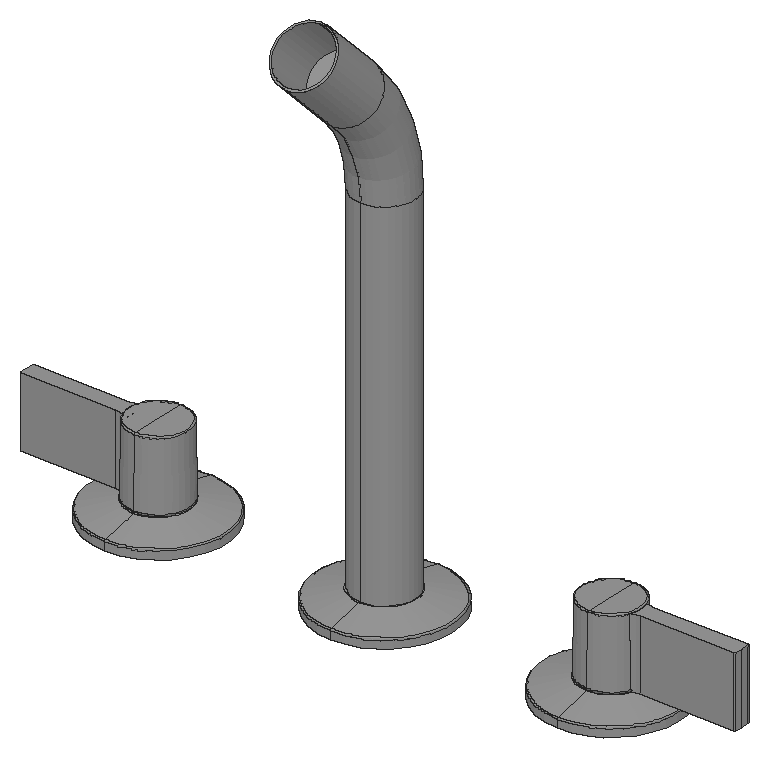
Revit family "Faucet-Wall_Mount-Bath_Spout-KOHLER-COMPONENTS-K-78014T_1", category Plumbing Fixtures, host Face, Revit 2017 (continued)
Definition of nested family "K-78014T_Handle"
  Lines and regions (in)
    symbolic lines, visible <- "77990-9", detail levels medium+fine
      curve 103: spline (0, 0.52593, 1.22012) -> (0, 0.50886, 1.21883) -> (0, 0.49178, 1.21777) -> (0, 0.47469, 1.21694) -> (0, 0.45759, 1.21635) -> (0, 0.44049, 1.216) -> (0, 0.42338, 1.21588) -> (0, 0.40627, 1.216) -> (0, 0.38916, 1.21635) -> (0, 0.37206, 1.21694) -> (0, 0.35497, 1.21777) -> (0, 0.33789, 1.21883) -> (0, 0.32083, 1.22012)
      curve 104: spline (0, 0.32083, 1.22012) -> (0, 0.3031, 1.21882) -> (0, 0.28537, 1.21777) -> (0, 0.26762, 1.21694) -> (0, 0.24986, 1.21635) -> (0, 0.23209, 1.216) -> (0, 0.21433, 1.21588) -> (0, 0.19656, 1.216) -> (0, 0.17879, 1.21635) -> (0, 0.16104, 1.21694) -> (0, 0.14329, 1.21777) -> (0, 0.12555, 1.21882) -> (0, 0.10783, 1.22012)
      curve 105: arc (0, 0.10783, 1.22012) -> (0, 0, 1.21588) -> (0, -0.10783, 1.22012) r 1.37431
      curve 106: spline (0, -0.10783, 1.22012) -> (0, -0.12555, 1.21883) -> (0, -0.14329, 1.21777) -> (0, -0.16104, 1.21694) -> (0, -0.1788, 1.21635) -> (0, -0.19656, 1.216) -> (0, -0.21433, 1.21588) -> (0, -0.2321, 1.216) -> (0, -0.24986, 1.21635) -> (0, -0.26762, 1.21694) -> (0, -0.28537, 1.21777) -> (0, -0.30311, 1.21883) -> (0, -0.32083, 1.22012)
      curve 107: spline (0, -0.32083, 1.22012) -> (0, -0.33789, 1.21883) -> (0, -0.35497, 1.21777) -> (0, -0.37206, 1.21694) -> (0, -0.38916, 1.21635) -> (0, -0.40627, 1.216) -> (0, -0.42338, 1.21588) -> (0, -0.44049, 1.216) -> (0, -0.45759, 1.21635) -> (0, -0.47469, 1.21694) -> (0, -0.49178, 1.21777) -> (0, -0.50886, 1.21883) -> (0, -0.52593, 1.22012)
      curve 108: spline (0, -0.52593, 1.22012) -> (0, -0.54192, 1.21883) -> (0, -0.55792, 1.21777) -> (0, -0.57393, 1.21694) -> (0, -0.58995, 1.21635) -> (0, -0.60598, 1.216) -> (0, -0.622, 1.21588) -> (0, -0.63803, 1.216) -> (0, -0.65406, 1.21636) -> (0, -0.67008, 1.21694) -> (0, -0.68609, 1.21777) -> (0, -0.70209, 1.21883) -> (0, -0.71808, 1.22012)
      curve 109: spline (0, -0.71808, 1.22012) -> (0, -0.73259, 1.21883) -> (0, -0.74712, 1.21777) -> (0, -0.76166, 1.21694) -> (0, -0.77621, 1.21636) -> (0, -0.79076, 1.216) -> (0, -0.80531, 1.21588) -> (0, -0.81987, 1.216) -> (0, -0.83442, 1.21636) -> (0, -0.84896, 1.21694) -> (0, -0.8635, 1.21777) -> (0, -0.87803, 1.21883) -> (0, -0.89255, 1.22012)
      curve 110: spline (0, -0.89255, 1.22012) -> (0, -0.90523, 1.21883) -> (0, -0.91793, 1.21777) -> (0, -0.93064, 1.21695) -> (0, -0.94335, 1.21636) -> (0, -0.95607, 1.216) -> (0, -0.96879, 1.21589) -> (0, -0.98151, 1.216) -> (0, -0.99423, 1.21636) -> (0, -1.00695, 1.21695) -> (0, -1.01965, 1.21777) -> (0, -1.03235, 1.21883) -> (0, -1.04504, 1.22012)
      curve 111: spline (0, -1.04504, 1.22012) -> (0, -1.05559, 1.21883) -> (0, -1.06614, 1.21777) -> (0, -1.0767, 1.21695) -> (0, -1.08727, 1.21636) -> (0, -1.09784, 1.216) -> (0, -1.10842, 1.21589) -> (0, -1.11899, 1.21601) -> (0, -1.12956, 1.21636) -> (0, -1.14013, 1.21695) -> (0, -1.1507, 1.21777) -> (0, -1.16125, 1.21883) -> (0, -1.1718, 1.22012)
      curve 112: spline (0, -1.1718, 1.22012) -> (0, -1.17994, 1.21883) -> (0, -1.1881, 1.21777) -> (0, -1.19625, 1.21695) -> (0, -1.20442, 1.21636) -> (0, -1.21258, 1.21601) -> (0, -1.22075, 1.21589) -> (0, -1.22892, 1.21601) -> (0, -1.23708, 1.21636) -> (0, -1.24525, 1.21695) -> (0, -1.2534, 1.21777) -> (0, -1.26156, 1.21883) -> (0, -1.2697, 1.22013)
      curve 113: spline (0, -1.2697, 1.22013) -> (0, -1.27525, 1.21883) -> (0, -1.2808, 1.21777) -> (0, -1.28635, 1.21695) -> (0, -1.29191, 1.21636) -> (0, -1.29746, 1.21601) -> (0, -1.30302, 1.21589) -> (0, -1.30858, 1.21601) -> (0, -1.31414, 1.21636) -> (0, -1.3197, 1.21695) -> (0, -1.32525, 1.21777) -> (0, -1.3308, 1.21883) -> (0, -1.33634, 1.22013)
      curve 114: spline (0, -1.33634, 1.22013) -> (0, -1.33915, 1.21883) -> (0, -1.34196, 1.21777) -> (0, -1.34477, 1.21695) -> (0, -1.34758, 1.21636) -> (0, -1.3504, 1.21601) -> (0, -1.35321, 1.21589) -> (0, -1.35603, 1.21601) -> (0, -1.35884, 1.21636) -> (0, -1.36165, 1.21695) -> (0, -1.36446, 1.21778) -> (0, -1.36727, 1.21883) -> (0, -1.37008, 1.22013)
      curve 115: line (0, -1.33634, 1.6841) -> (0, -1.33634, 1.22013)
      curve 116: line (0, -1.2697, 1.6841) -> (0, -1.2697, 1.22013)
      curve 117: line (0, -1.1718, 1.6841) -> (0, -1.1718, 1.22012)
      curve 118: line (0, -1.04504, 1.68411) -> (0, -1.04504, 1.22012)
      curve 119: line (0, -0.89255, 1.68411) -> (0, -0.89255, 1.22012)
      curve 120: line (0, -0.71808, 1.68411) -> (0, -0.71808, 1.22012)
      curve 121: line (0, -0.52593, 1.68411) -> (0, -0.52593, 1.22012)
      curve 122: line (0, -0.32083, 1.68411) -> (0, -0.32083, 1.22012)
      curve 123: line (0, -0.10783, 1.68411) -> (0, -0.10783, 1.22012)
      curve 124: line (0, 0.10783, 1.22012) -> (0, 0.10783, 1.68411)
      curve 125: line (0, 0.32083, 1.68411) -> (0, 0.32083, 1.22012)
      curve 126: line (0, 0.52593, 1.68411) -> (0, 0.52593, 1.22012)
      curve 127: line (0, 0.71808, 1.68411) -> (0, 0.71808, 1.22012)
      curve 128: line (0, 0.89255, 1.68411) -> (0, 0.89255, 1.22012)
      curve 129: line (0, 1.04504, 1.68411) -> (0, 1.04504, 1.22012)
      curve 130: line (0, 1.1718, 1.68411) -> (0, 1.1718, 1.22012)
      curve 131: line (0, 1.2697, 1.6841) -> (0, 1.2697, 1.22012)
      curve 132: line (0, 1.33634, 1.6841) -> (0, 1.33634, 1.22013)
      curve 138: spline (0, -0.3914, 0.88199) -> (0, -0.3935, 0.91064) -> (0, -0.39641, 0.93896) -> (0, -0.40014, 0.9668) -> (0, -0.40465, 0.99406) -> (0, -0.40994, 1.02059) -> (0, -0.41597, 1.04628) -> (0, -0.42272, 1.07102) -> (0, -0.43016, 1.09468) -> (0, -0.43825, 1.11717) -> (0, -0.44696, 1.13837) -> (0, -0.45625, 1.15819) -> (0, -0.46607, 1.17654)
      curve 139: arc (0, -0.49213, 0.64534) -> (0, -0.41402, 0.75185) -> (0, -0.3914, 0.88199) r 0.28928
    symbolic lines, visible <- "77990-8", detail levels medium+fine
      curve 133: line (-1.18038, 0, 0.18564) -> (1.17872, 0, 0.18564)
      curve 134: line (0, 1.17873, 0.20326) -> (0, -1.17869, 0.20326)
      curve 152: circle (0, 0, 0) r 1.12376 normal (0, 0, 1)
    symbolic lines, visible <- "77990_4", detail levels medium+fine
      curve 135: arc (-0.48523, -0.19272, 0) -> (0.53874, 0.02669, 0) -> (-0.50015, 0.15852, 0) r 0.53114
      curve 136: line (-1.15491, 0, 0.16182) -> (1.1632, 0, 0.16182)
      curve 137: line (0.51874, 0, 0.31813) -> (-0.50263, 0, 0.31813)
      curve 140: line (-0.51225, 0, 1.54195) -> (-0.52336, 0, 0.33911)
      curve 141: arc (-0.52336, 0, 0.33911) -> (-0.51736, 0, 0.3243) -> (-0.50263, 0, 0.31813) r 0.02079
      curve 142: arc (-0.51225, 0, 1.54195) -> (-0.50622, 0, 1.55638) -> (-0.49182, 0, 1.5625) r 0.02075
      curve 143: line (0, -0.16304, 1.55875) -> (0, -0.16304, 0.31496)
      curve 144: line (0, 0.1437, 0.31496) -> (0, 0.1437, 1.55875)
      curve 145: line (0, 0.51682, 0.31836) -> (0, -0.50651, 0.31813)
      curve 146: line (-1.16626, 0.14751, 0) -> (-0.59243, 0.14751, 0)
      curve 147: line (-1.16421, -0.15923, 0) -> (-0.64256, -0.15923, 0)
      curve 148: arc (-0.59243, 0.14751, 0) -> (-0.54596, 0.15027, 0) -> (-0.50015, 0.15852, 0) r 0.39209
      curve 149: arc (-0.64256, -0.15923, 0) -> (-0.56213, -0.16769, 0) -> (-0.48523, -0.19272, 0) r 0.38628
      curve 150: line (0, 1.16901, 0.16199) -> (0, -1.16721, 0.16199)
      curve 151: arc (-1.08851, -0.15903, 0) -> (1.10005, 0.00581, 0) -> (-1.09013, 0.14751, 0) r 1.10007
  Dimensions and locks (in)
    plane 4 to level = 1 9/16"  (x2)
    plane 1 "Center (Front/Back)" to plane 5 = 1 3/8"
    plane 7 to plane 3 "Center (Left/Right)" = 1 3/16"
    plane 9 to plane 1 "Center (Front/Back)" = 1 3/16"
    plane 9 to plane 10 = 2 3/8"
    plane 11 to plane 3 "Center (Left/Right)" = 2 5/16"
    plane 3 "Center (Left/Right)" to plane 12 = 1 3/8"
    aligned and locked: plane 2 to level
Definition of nested family "K-78014T"
  Parameters (values of type "K-78014T")
    Faucet = none
  Reference planes (in)
    plane 1 "Center (Front/Back)": y = 0
    plane 2: z = 0
    plane 3 "Center (Left/Right)": x = 0
    plane 4: y = 1.1875
    plane 5: y = -1.1875
    plane 6: x = -1.1875
    plane 7: x = 1.1875
    plane 8: z = 9.48819
  Forms (in)
    Revolve 1, solid, material <- "Faucet", detail levels medium+fine
      sketch origin (0, 0, 0) x (0, 1, 0) y (0, 0, 1)
        loop
          line (1.1875, 0) -> (1.1875, 0.13501)
          arc (1.1875, 0.13501) -> (1.18161, 0.152) -> (1.16647, 0.1617) r 0.02746
          line (1.16647, 0.1617) -> (0.55677, 0.30867) -> (0, 0.30867) -> (0, 0) -> (1.1875, 0)
        axis (0, 0) -> (0, 0.30867)
      angle from 0 to 360
    Sweep 2, solid, material <- "Faucet"
      path origin (0, 0, 0) x (0, 1, 0) y (0, 0, 1)
        loop
          line (0, 0.30867) -> (0, 6.60959)
          arc (0, 6.60959) -> (-0.19965, 7.6133) -> (-0.76821, 8.46421) r 2.62282
          line (-0.76821, 8.46421) -> (-1.77124, 9.46724)
      profile origin (0, 0, 3.45913) x (1, 0, 0) y (0, 1, 0)
        loop
          circle (0, 0) r 0.53146
    Sweep 3, void
      path origin (0, 0, 0) x (0, 1, 0) y (0, 0, 1)
        loop
          line (-1.77124, 9.46724) -> (-1.0196, 8.7156)
      profile origin (0, -1.39542, 9.09142) x (0, 0.707107, 0.707107) y (1, 0, 0)
        loop
          circle (0, 0) r 0.5
    Revolve 4, solid, material <- "Faucet", detail levels coarse
      sketch origin (0, 0, 0) x (0, 1, 0) y (0, 0, 1)
        loop
          line (1.1875, 0) -> (1.1875, 0.30867) -> (0, 0.30867) -> (0, 0) -> (1.1875, 0)
        axis (0, 0) -> (0, 0.30867)
      angle from 0 to 360
  Cuts and joins
    Sweep 3 cuts Sweep 2
  Lines and regions (in)
    Masking region 1
      outline origin (0, 0, 0) x (0, 1, 0) y (0, 0, 1)
        loop
          line (1.1875, 0) -> (1.1875, 0.13501)
          arc (1.1875, 0.13501) -> (1.18161, 0.152) -> (1.16647, 0.1617) r 0.02746
          line (1.16647, 0.1617) -> (0.53146, 0.31477) -> (0.53146, 6.56994)
          arc (0.53146, 6.56994) -> (0.28407, 7.81366) -> (-0.42044, 8.86804) r 3.25
          line (-0.42044, 8.86804) -> (-1.39545, 9.84304) -> (-2.14704, 9.09145) -> (-1.16401, 8.10841)
          arc (-1.16401, 8.10841) -> (-0.69585, 7.40777) -> (-0.53146, 6.5813) r 2.15966
          line (-0.53146, 6.5813) -> (-0.53146, 0.31477) -> (-1.16647, 0.1617)
          arc (-1.16647, 0.1617) -> (-1.18161, 0.152) -> (-1.1875, 0.13501) r 0.02746
          line (-1.1875, 0.13501) -> (-1.1875, 0) -> (0, 0) -> (1.1875, 0)
    Masking region 2
      outline origin (0, 0, 0) x (1, 0, 0) y (0, 0, 1)
        loop
          line (-1.1875, 0) -> (0, 0) -> (1.1875, 0) -> (1.1875, 0.13501)
          arc (1.1875, 0.13501) -> (1.18161, 0.152) -> (1.16647, 0.1617) r 0.02746
          line (1.16647, 0.1617) -> (0.53146, 0.31477) -> (0.53146, 9.46724)
          spline (0.53146, 9.46724) -> (0.51335, 9.56451) -> (0.46026, 9.65514) -> (0.3758, 9.73297) -> (0.26573, 9.79269) -> (0.13755, 9.83024) -> (0, 9.84304) -> (-0.13755, 9.83024) -> (-0.26573, 9.79269) -> (-0.3758, 9.73297) -> (-0.46026, 9.65514) -> (-0.51335, 9.56451) -> (-0.53146, 9.46724)
          line (-0.53146, 9.46724) -> (-0.53146, 0.31477) -> (-1.16647, 0.1617)
          arc (-1.16647, 0.1617) -> (-1.18161, 0.152) -> (-1.1875, 0.13501) r 0.02746
          line (-1.1875, 0.13501) -> (-1.1875, 0)
    Masking region 3
      outline origin (0, 0, 0) x (1, 0, 0) y (0, 1, 0)
        loop
          arc (0.53146, -1.06194) -> (0, 1.1875) -> (-0.53146, -1.06194) r 1.1875
          line (-0.53146, -1.06194) -> (-0.53146, -1.77124)
          spline (-0.53146, -1.77124) -> (-0.51335, -1.86851) -> (-0.46026, -1.95914) -> (-0.3758, -2.03697) -> (-0.26573, -2.09669) -> (-0.13755, -2.13424) -> (0, -2.14704) -> (0.13755, -2.13424) -> (0.26573, -2.09669) -> (0.3758, -2.03697) -> (0.46026, -1.95914) -> (0.51335, -1.86851) -> (0.53146, -1.77124)
          line (0.53146, -1.77124) -> (0.53146, -1.06194)
    symbolic lines, detail levels medium+fine
      curve 1: line (0, 0.53146, 0.31477) -> (0, -0.53146, 0.31477)
      curve 2: line (-0.53146, 0, 0.31477) -> (0.53146, 0, 0.31477)
      curve 3: arc (-0.53146, -0.16598, 0) -> (-0.44856, 0.32984, 0) -> (0, 0.55677, 0) r 0.55677
      curve 4: arc (-0.53146, 0, 0) -> (-0.3758, 0.3758, 0) -> (0, 0.53146, 0) r 0.53146
      curve 5: line (-0.53146, 0, 0) -> (-0.53146, -1.06194, 0)
      curve 6: arc (0.53146, -0.16598, 0) -> (0.44856, 0.32984, 0) -> (0, 0.55677, 0) r 0.55677
      curve 7: arc (0.53146, 0, 0) -> (0.3758, 0.3758, 0) -> (0, 0.53146, 0) r 0.53146
      curve 8: line (0.53146, 0, 0) -> (0.53146, -1.06194, 0)
      curve 9: spline (0.53146, -1.77124, 0) -> (0.51335, -1.67398, 0) -> (0.46026, -1.58334, 0) -> (0.3758, -1.50551, 0) -> (0.26573, -1.44579, 0) -> (0.13755, -1.40825, 0) -> (0, -1.39545, 0) -> (-0.13755, -1.40825, 0) -> (-0.26573, -1.44579, 0) -> (-0.3758, -1.50551, 0) -> (-0.46026, -1.58334, 0) -> (-0.51335, -1.67398, 0) -> (-0.53146, -1.77124, 0)
      curve 10: spline (0, -2.1248, 0) -> (-0.12941, -2.11275, 0) -> (-0.25, -2.07743, 0) -> (-0.35355, -2.02124, 0) -> (-0.43301, -1.94802, 0) -> (-0.48296, -1.86275, 0) -> (-0.5, -1.77124, 0) -> (-0.48296, -1.67974, 0) -> (-0.43301, -1.59447, 0) -> (-0.35355, -1.52124, 0) -> (-0.25, -1.46506, 0) -> (-0.12941, -1.42974, 0) -> (0, -1.41769, 0)
      curve 11: spline (0, -1.41769, 0) -> (0.12941, -1.42974, 0) -> (0.25, -1.46506, 0) -> (0.35355, -1.52124, 0) -> (0.43301, -1.59447, 0) -> (0.48296, -1.67974, 0) -> (0.5, -1.77124, 0) -> (0.48296, -1.86275, 0) -> (0.43301, -1.94802, 0) -> (0.35355, -2.02124, 0) -> (0.25, -2.07743, 0) -> (0.12941, -2.11275, 0) -> (0, -2.1248, 0)
  Dimensions and locks (in)
    plane 4 to plane 1 "Center (Front/Back)" = 1 3/16"
    plane 6 to plane 3 "Center (Left/Right)" = 1 3/16"
    plane 8 to level = 9.48819"
    aligned and locked: plane 2 to level
